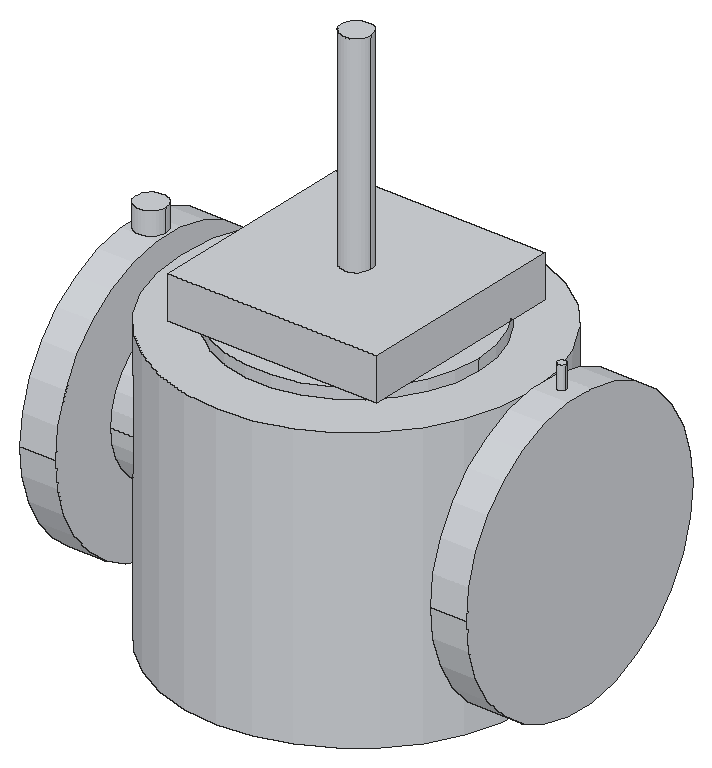
Revit family "OPTIMA_Compact_FLANGE_PN25_DN200-LF_RFA_2018", category Pipe Accessories, Revit 2018
Family settings
  Round Connector Dimension = Use Diameter
  Part Type = Valve - Breaks Into
  Work Plane-Based = No
  Always vertical = Yes
  Cut with Voids When Loaded = No
  Shared = No
Parameters (values of type "Optima Compact Flange PN25 DN200 LF")
  magiProductId = ""
  magiProductFamilyId = ""
  magiPartTypeId = 304
  isMeasuringValve [instance] = no
  ang2D [instance] = 0.00°
  W2D = 100 mm
  VersionID = "2.0/2018.8.28.1/FRESE_OPTIMA_FLANGE_Q13_002"
  Use Minimum Symbol Size [instance] = yes
  URL = "www.hydronic.cz"
  Type Comments = "Přírubový; PN25; 0~110°C, s měřením"
  R4 = 164.5 mm
  R3 = 98.8 mm
  R1 = 235 mm
  QmdConnectorList = "301;D;302;D"
  Productdata [instance] = ""
  Manufacturer = "Hydronic Systems Prague s.r.o."
  MC Product Code = "53-1226 (DN200 LF; 43mm; pohon min 1500N; Qmin-dpmin 95000l/h-11.0kPa; Qmax-dpmin 210000l/h-32.0kPa; dpmax 800kPa)"
  MC Piping Given Pressure Drop [instance] = 0.0 Pa
  LF__ve = -LF  # -48 mm
  LF2 = 24 mm
  LF = 48 mm
  L4 = 282 mm
  L3 = 504 mm
  L2D_Min = 3048 mm
  L2D = 350 mm
  L2 = 300 mm
  H6 = 281 mm
  H4 = 57 mm
  H3 = 15 mm
  H2 = 209 mm
  H1 = 380 mm
  Description = "Tlakově nezávislý 2-cestný regulační vyvažovací ventil (PICV)"
  DF2 = 190 mm
  D = 200 mm
  CAT0 = yes
Types (14, lengths in mm): name | magiProductId | magiProductFamilyId | W2D | Type Comments | R4 | R3 | R1 | MC Product Code | LF__ve | LF2 | LF | L4 | L3 | L2D | L2 | H6 | H4 | H3 | H2 | H1 | DF2 | D
  Optima Compact Flange PN25 DN050 LF | "Frese Optima Flange DN050 LF" | "Frese Optima Flange *" | 50 | "Přírubový; PN25; 0~120°C, s měřením" | 40.3 | 42.9 | 57.5 | "53-1220 (DN50 LF; 20mm; pohon min 1000N; Qmin-dpmin 2500l/h-6.5kPa; Qmax-dpmin 15000l/h-20.0kPa; dpmax 800kPa)" | -18.4 | 9.2 | 18.4 | 108.1 | 193.2 | 230 | 115 | 157.3 | 24.8 | 20.6 | 61.9 | 123.8 | 82.5 | 50
  Optima Compact Flange PN25 DN050 HF | "Frese Optima Flange DN050 HF" | "Frese Optima Flange *" | 50 | "Přírubový; PN25; 0~120°C, s měřením" | 40.25 | 42.9 | 57.5 | "53-1230 (DN50 HF; 20mm; pohon min 1000N; Qmin-dpmin 3900l/h-19.0kPa; Qmax-dpmin 24000l/h-50.0kPa; dpmax 800kPa)" | -18.4 | 9.2 | 18.4 | 108.1 | 193.2 | 230 | 115 | 157.25 | 24.75 | 20.625 | 61.875 | 123.75 | 82.5 | 50
  Optima Compact Flange PN25 DN065 LF | "Frese Optima Flange DN065 LF" | "Frese Optima Flange *" | 50 | "Přírubový; PN25; 0~120°C, s měřením" | 50.75 | 48.1 | 72.5 | "53-1221 (DN65 LF; 20mm; pohon min 1000N; Qmin-dpmin 4400l/h-15.0kPa; Qmax-dpmin 25000l/h-25.0kPa; dpmax 800kPa)" | -23.2 | 11.6 | 23.2 | 136.3 | 243.6 | 230 | 145 | 171.25 | 27.75 | 23.125 | 69.375 | 138.75 | 92.5 | 65
  Optima Compact Flange PN25 DN065 HF | "Frese Optima Flange DN065 HF" | "Frese Optima Flange *" | 50 | "Přírubový; PN25; 0~120°C, s měřením" | 50.75 | 48.1 | 72.5 | "53-1231 (DN65 HF; 20mm; pohon min 1000N; Qmin-dpmin 6000l/h-30.0kPa; Qmax-dpmin 35000l/h-55.0kPa; dpmax 800kPa)" | -23.2 | 11.6 | 23.2 | 136.3 | 243.6 | 230 | 145 | 171.25 | 27.75 | 23.125 | 69.375 | 138.75 | 92.5 | 65
  Optima Compact Flange PN25 DN080 LF | "Frese Optima Flange DN080 LF" | "Frese Optima Flange *" | 50 | "Přírubový; PN25; 0~120°C, s měřením" | 54.25 | 52 | 77.5 | "53-1222 (DN80 LF; 20mm; pohon min 1000N; Qmin-dpmin 5300l/h-16.0kPa; Qmax-dpmin 34000l/h-25.0kPa; dpmax 800kPa)" | -24.8 | 12.4 | 24.8 | 145.7 | 260.4 | 230 | 155 | 183 | 30 | 25 | 75 | 150 | 100 | 80
  Optima Compact Flange PN25 DN080 HF | "Frese Optima Flange DN080 HF" | "Frese Optima Flange *" | 50 | "Přírubový; PN25; 0~120°C, s měřením" | 54.25 | 52 | 77.5 | "53-1232 (DN80 HF; 20mm; pohon min 1000N; Qmin-dpmin 7000l/h-23.0kPa; Qmax-dpmin 43000l/h-50.0kPa; dpmax 800kPa)" | -24.8 | 12.4 | 24.8 | 145.7 | 260.4 | 230 | 155 | 183 | 30 | 25 | 75 | 150 | 100 | 80
  Optima Compact Flange PN25 DN100 LF | "Frese Optima Flange DN100 LF" | "Frese Optima Flange *" | 50 | "Přírubový; PN25; 0~120°C, s měřením" | 61.25 | 61.1 | 87.5 | "53-1223 (DN100 LF; 40mm; pohon min 1000N; Qmin-dpmin 12100l/h-20.0kPa; Qmax-dpmin 68000l/h-35.0kPa; dpmax 800kPa)" | -28 | 14 | 28 | 164.5 | 294 | 230 | 175 | 268.75 | 35.25 | 29.375 | 88.125 | 176.25 | 117.5 | 100
  Optima Compact Flange PN25 DN100 HF | "Frese Optima Flange DN100 HF" | "Frese Optima Flange *" | 50 | "Přírubový; PN25; 0~120°C, s měřením" | 61.25 | 61.1 | 87.5 | "53-1233 (DN100 HF; 40mm; pohon min 1000N; Qmin-dpmin 14800l/h-30.0kPa; Qmax-dpmin 90000l/h-75.0kPa; dpmax 800kPa)" | -28 | 14 | 28 | 164.5 | 294 | 230 | 175 | 268.75 | 35.25 | 29.375 | 88.125 | 176.25 | 117.5 | 100
  Optima Compact Flange PN25 DN125 LF | "Frese Optima Flange DN125 LF" | "Frese Optima Flange *" | 50 | "Přírubový; PN25; 0~120°C, s měřením" | 70 | 70.2 | 100 | "53-1224 (DN125 LF; 40mm; pohon min 1000N; Qmin-dpmin 18500l/h-16.0kPa; Qmax-dpmin 110000l/h-35.0kPa; dpmax 800kPa)" | -32 | 16 | 32 | 188 | 336 | 230 | 200 | 275.5 | 40.5 | 33.75 | 101.25 | 202.5 | 135 | 125
  Optima Compact Flange PN25 DN125 HF | "Frese Optima Flange DN125 HF" | "Frese Optima Flange *" | 50 | "Přírubový; PN25; 0~120°C, s měřením" | 70 | 70.2 | 100 | "53-1234 (DN125 HF; 40mm; pohon min 1000N; Qmin-dpmin 23000l/h-27.0kPa; Qmax-dpmin 135000l/h-53.0kPa; dpmax 800kPa)" | -32 | 16 | 32 | 188 | 336 | 230 | 200 | 275.5 | 40.5 | 33.75 | 101.25 | 202.5 | 135 | 125
  Optima Compact Flange PN25 DN150 LF | "Frese Optima Flange DN150 LF" | "Frese Optima Flange *" | 50 | "Přírubový; PN25; 0~110°C, s měřením" | 84 | 74.1 | 120 | "53-1225 (DN150 LF; 43mm; pohon min 1500N; Qmin-dpmin 25600l/h-21.0kPa; Qmax-dpmin 148000l/h-35.0kPa; dpmax 800kPa)" | -38.4 | 19.2 | 38.4 | 225.6 | 403.2 | 230 | 240 | 279.25 | 42.75 | 35.625 | 106.875 | 213.75 | 142.5 | 150
  Optima Compact Flange PN25 DN150 HF | "Frese Optima Flange DN150 HF" | "Frese Optima Flange *" | 50 | "Přírubový; PN25; 0~110°C, s měřením" | 84 | 74.1 | 120 | "53-1235 (DN150 HF; 43mm; pohon min 1500N; Qmin-dpmin 32000l/h-33.0kPa; Qmax-dpmin 195000l/h-65.0kPa; dpmax 800kPa)" | -38.4 | 19.2 | 38.4 | 225.6 | 403.2 | 230 | 240 | 279.25 | 42.75 | 35.625 | 106.875 | 213.75 | 142.5 | 150
  Optima Compact Flange PN25 DN200 LF | "" | "" | 100 | "Přírubový; PN25; 0~110°C, s měřením" | 164.5 | 98.8 | 235 | "53-1226 (DN200 LF; 43mm; pohon min 1500N; Qmin-dpmin 95000l/h-11.0kPa; Qmax-dpmin 210000l/h-32.0kPa; dpmax 800kPa)" | -48 | 24 | 48 | 282 | 504 | 350 | 300 | 281 | 57 | 15 | 209 | 380 | 190 | 200
  Optima Compact Flange PN25 DN200 HF | "" | "" | 100 | "Přírubový; PN25; 0~110°C, s měřením" | 164.5 | 98.8 | 235 | "53-1236 (DN200 HF; 43mm; pohon min 1500N; Qmin-dpmin 130000l/h-31.0kPa; Qmax-dpmin 280000l/h-78.0kPa; dpmax 800kPa)" | -48 | 24 | 48 | 282 | 504 | 350 | 300 | 281 | 57 | 15 | 209 | 380 | 190 | 200
Reference planes
  plane 1 "Center (Front/Back)": y = 0
  plane 2 "XYPLANE": z = 0
  plane 3 "Center (Left/Right)": x = 0
  plane 4 "157": x = 276
  plane 5 "156": x = -276
  plane 6 "155": z = 190
  plane 7 "154": z = 243
  plane 8 "153": z = 186
  plane 9 "152": z = 171
  plane 10 "151": x = -252
  plane 11 "150": z = -209
  plane 12 "149": x = 0
  plane 13 "148": y = 0
  plane 14 "147": z = 0
  plane 15 "146": x = -300
  plane 16 "145": x = 300
Forms (mm)
  Extrusion 1, solid, visible <- "CAT0"
    sketch origin (-750, 0, 190) x (1, 0, 0) y (0, 1, 0)
      loop
        circle (1026, 0) r 5.5
    from 0 to 30
  Extrusion 2, solid, visible <- "CAT0"
    sketch origin (-750, 0, 190) x (1, 0, 0) y (0, 1, 0)
      loop
        circle (474, 0) r 20.3
    from 0 to 30
  Extrusion 3, solid, visible <- "CAT0"
    sketch origin (-750, 0, 243) x (1, 0, 0) y (0, 1, 0)
      loop
        circle (750, 0) r 20
    from 0 to 281 <- "H6"
  Extrusion 4, solid, visible <- "CAT0"
    sketch origin (-750, 0, 186) x (1, 0, 0) y (0, 1, 0)
      loop
        line (891, 141) -> (609, 141) -> (609, -141) -> (891, -141) -> (891, 141)
    from 0 to 57 <- "H4"
  Extrusion 5, solid, visible <- "CAT0"
    sketch origin (-750, 0, 171) x (1, 0, 0) y (0, 1, 0)
      loop
        circle (750, 0) r 164.5
    from 0 to 15 <- "H3"
  Extrusion 6, solid, visible <- "CAT0"
    sketch origin (-252, -750, 0) x (0, 1, 0) y (0, 0, 1)
      loop
        circle (750, 0) r 98.8
    from 0 to 504 <- "L3"
  Extrusion 7, solid, visible <- "CAT0"
    sketch origin (-750, 0, -209) x (1, 0, 0) y (0, 1, 0)
      loop
        circle (750, 0) r 235
    from 0 to 380 <- "H1"
  Extrusion 8, solid, visible <- "CAT0"
    sketch origin (-300, -750, 0) x (0, 1, 0) y (0, 0, 1)
      loop
        circle (750, 0) r 190
    from 0 to 48 <- "LF"
  Extrusion 9, solid, visible <- "CAT0"
    sketch origin (300, -750, 0) x (0, 1, 0) y (0, 0, 1)
      loop
        circle (750, 0) r 190
    from 0 to -48 <- "LF__ve"
  Extrusion 10, solid, not visible
    sketch origin (-300, -750, 0) x (0, 1, 0) y (0, 0, 1)
      loop
        circle (750, 0) r 10
    from 0 to 10
  Extrusion 11, solid, not visible
    sketch origin (300, -750, 0) x (0, 1, 0) y (0, 0, 1)
      loop
        circle (750, 0) r 10
    from 0 to -10
Lines and regions (mm)
  reference lines, not visible
    curve 1: circle (2, 2, 0) r 1 normal (0, 0, 1)
  reference lines
    curve 2: circle (0, 0, 186) r 1 normal (0, 0, 1)
Dimensions and locks
  plane 1 "Center (Front/Back)" to curve 1 = 2 mm
  "LF2": plane 16 "145" to plane 4 "157"
  "LF2": plane 15 "146" to plane 5 "156"
  "DF2": plane 2 "XYPLANE" to plane 6 "155"
  "H4": plane 8 "153" to plane 7 "154"
  "H3": plane 9 "152" to plane 8 "153"
  "H1": plane 11 "150" to plane 9 "152"
  "LF": plane 15 "146" to plane 10 "151"
  "H2": plane 2 "XYPLANE" to plane 11 "150"
  locked: plane 3 "Center (Left/Right)" to plane 12 "149"
  locked: plane 1 "Center (Front/Back)" to plane 13 "148"
  locked: plane 2 "XYPLANE" to plane 14 "147"
  "L2": plane 3 "Center (Left/Right)" to plane 15 "146"
  "L2": plane 3 "Center (Left/Right)" to plane 16 "145"
  equal spacing: Extrusion 4 sketch curve, curve 2, Extrusion 4 sketch curve  (x2)
  "L4": Extrusion 4 sketch curve to Extrusion 4 sketch curve  (x2)
  Extrusion 4 sketch curve to Extrusion 4 sketch curve = 0 mm  (x8)
  "R4": radius of Extrusion 5 sketch curve
  "R3": radius of Extrusion 6 sketch curve
  "R1": radius of Extrusion 7 sketch curve
  "DF2": radius of Extrusion 8 sketch curve
  "DF2": radius of Extrusion 9 sketch curve
  aligned and locked: level to plane 2 "XYPLANE"
  aligned and locked: plane 4 "157" to Extrusion 1 sketch curve
  aligned and locked: plane 13 "148" to Extrusion 1 sketch curve
  aligned and locked: plane 5 "156" to Extrusion 2 sketch curve
  aligned and locked: plane 13 "148" to Extrusion 2 sketch curve
  aligned and locked: plane 12 "149" to Extrusion 3 sketch curve
  aligned and locked: plane 13 "148" to Extrusion 3 sketch curve
  aligned and locked: plane 12 "149" to curve 2
  aligned and locked: plane 13 "148" to curve 2
  aligned and locked: plane 12 "149" to Extrusion 5 sketch curve
  aligned and locked: plane 13 "148" to Extrusion 5 sketch curve
  aligned and locked: Extrusion 6 sketch curve to plane 13 "148"
  aligned and locked: plane 14 "147" to Extrusion 6 sketch curve
  aligned and locked: plane 12 "149" to Extrusion 7 sketch curve
  aligned and locked: plane 13 "148" to Extrusion 7 sketch curve
  aligned and locked: Extrusion 8 sketch curve to plane 13 "148"
  aligned and locked: plane 14 "147" to Extrusion 8 sketch curve
  aligned and locked: Extrusion 9 sketch curve to plane 13 "148"
  aligned and locked: plane 14 "147" to Extrusion 9 sketch curve
  aligned and locked: Extrusion 10 sketch curve to plane 13 "148"
  aligned and locked: plane 14 "147" to Extrusion 10 sketch curve
  aligned and locked: Extrusion 11 sketch curve to plane 13 "148"
  aligned and locked: plane 14 "147" to Extrusion 11 sketch curve
Automatic sketch dimensions
  Extrusion 1 sketch curve to plane 4 "157" = 5.5 mm
  plane 15 "146" to Extrusion 2 sketch curve = 3.7 mm
  Extrusion 3 sketch curve to plane 3 "Center (Left/Right)" = 20 mm
  plane 1 "Center (Front/Back)" to Extrusion 10 sketch curve = 10 mm
  plane 1 "Center (Front/Back)" to Extrusion 11 sketch curve = 10 mm
  plane 3 "Center (Left/Right)" to curve 1 = 2 mm
  plane 10 "151" to Extrusion 4 sketch curve = 111 mm
  plane 1 "Center (Front/Back)" to Extrusion 4 sketch curve = 141 mm
  radius of curve 2 = 1 mm
  radius of curve 1 = 1 mm
Connectors
  piping at (-300, 0, 0), diameter 200, driven by "D"
    settings: on Extrusion 10, index 1, connector inside diameter 609.6 mm, connector length 0 mm, flow factor 0, pipe flow 0.0 L/s, pressure drop 0.0 Pa, fitting loss kfactor 0, connector angle 0.00°, fixture units 0, engagement length 0 mm, angle of deflection 0.00°, flow configuration 0, flow direction 0, fitting loss method 0, system type 29, joint type 0, gender type 0, connector reference index 2, connector utility 0, adjustable connector no, is connector primary yes, connector description ""
  piping at (300, 0, 0), diameter 200, driven by "D"
    settings: on Extrusion 11, index 2, connector inside diameter 609.6 mm, connector length 0 mm, flow factor 0, pipe flow 0.0 L/s, pressure drop 0.0 Pa, fitting loss kfactor 0, connector angle 0.00°, fixture units 0, engagement length 0 mm, angle of deflection 0.00°, flow configuration 0, flow direction 0, fitting loss method 0, system type 29, joint type 0, gender type 0, connector reference index 1, connector utility 0, adjustable connector no, is connector primary no, connector description ""
